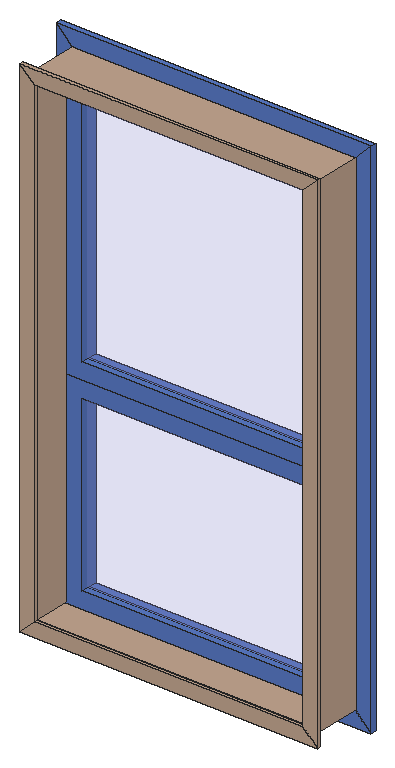
Revit family
Parameters (values of type "800 x 1400")
  SashDepth [instance] = 800 mm
  Sash Thickness = 50 mm
  Operation = "DoublePanelHorizontal"
  Keynote = "45-13-011"
  Height = 1400 mm
  Sill Height [instance] = 700 mm
  Wall Closure = (empty or 0)
  Width = 800 mm
Types (6, lengths in mm): name | Keynote | Height | Sill Height | Width
  (no name) | "45-13-011" | 1400 | 700 | 800
  600 x 1400 | "45-13-010" | 1400 | 700 | 600
  600 x 1200 | "45-13-008" | 1200 | 900 | 600
  800 x 1400 | "45-13-011" | 1400 | 700 | 800
  800 x 1200 | "45-13-009" | 1200 | 900 | 800
  600 x 1000 | "45-13-007" | 1000 | 1100 | 600
Reference planes
  plane 1 "Wall Centre": y = 0
  plane 2 "Center (Left/Right)": x = 0
  plane 3 "Left": x = -400
  plane 4 "Right": x = 400
  plane 5 "Sill": z = 700
  plane 6 "Head": z = 2100
  plane 7 "Exterior": y = 75
  plane 8 "Interior": y = -75
  plane 9: y = 90
  plane 10 "LeftCover": x = 445
  plane 11 "RightCover": x = -445
  plane 12: z = 1950
  plane 13: y = -75
  plane 14: y = 75
  plane 15 "GlassLine": y = 50
  plane 16: y = 75
  plane 17: z = 2145
  plane 18 "SillCover": z = 655
  plane 19 "SashDepth": z = 1300
  plane 20: y = 0
  plane 21 "Sash Thickness": y = 25
Forms (mm)
  Sweep 1, solid, detail levels medium+fine
    path origin (0, 75, 0) x (1, 0, 0) y (0, 0, 1)
      loop
        line (400, 700) -> (400, 2100) -> (-400, 2100) -> (-400, 700) -> (400, 700)
    profile origin (0, 75, 0) x (0, 0, -1) y (0, -1, 0)
      loop
        line (-699.341, 0) -> (-699.341, 150) -> (-719.341, 150) -> (-719.341, 0) -> (-699.341, 0)
  Sweep 2, solid, detail levels fine
    path origin (0, -75, 0) x (1, 0, 0) y (0, 0, 1)
      loop
        line (-380.659, 719.341) -> (380.659, 719.341) -> (380.659, 2080.659) -> (-380.659, 2080.659) -> (-380.659, 719.341)
    profile origin (0, -75, 0) x (0, 0, 1) y (0, -1, 0)
      loop
        line (719.341, 0) -> (719.341, 10) -> (679.341, 10) -> (679.341, 0) -> (719.341, 0)
  Extrusion 3, solid, detail levels medium+fine
    sketch origin (0, 75, 0) x (1, 0, 0) y (0, 0, 1)
      loop
        line (380.659, 1300) -> (380.659, 2080.659) -> (-380.659, 2080.659) -> (-380.659, 1300) -> (380.659, 1300)
      loop
        line (335.659, 1345) -> (335.659, 2035.659) -> (-335.659, 2035.659) -> (-335.659, 1345) -> (335.659, 1345)
    from 0 to 50
  Sweep 4, solid, detail levels medium+fine
    path origin (0, 75, 0) x (1, 0, 0) y (0, 0, 1)
      loop
        line (445, 655) -> (445, 2145) -> (-445, 2145) -> (-445, 655) -> (445, 655)
    profile origin (0, 75, 0) x (0, 0, -1) y (0, -1, 0)
      loop
        line (-655, 0) -> (-715, 0) -> (-715, -15) -> (-655, -15) -> (-655, 0)
  Extrusion 5, solid, detail levels fine
    sketch origin (0, 50, 0) x (1, 0, 0) y (0, 0, 1)
      loop
        line (335.659, 1345) -> (335.659, 2035.659) -> (-335.659, 2035.659) -> (-335.659, 1345) -> (335.659, 1345)
    from 0 to 5
  Extrusion 6, solid, detail levels medium+fine
    sketch origin (0, 75, -590) x (1, 0, 0) y (0, 0, 1)
      loop
        line (380.659, 1309.341) -> (380.659, 1890) -> (-380.659, 1890) -> (-380.659, 1309.341) -> (380.659, 1309.341)
      loop
        line (335.659, 1354.341) -> (335.659, 1845) -> (-335.659, 1845) -> (-335.659, 1354.341) -> (335.659, 1354.341)
    from 0 to 50
  Extrusion 7, solid, detail levels fine
    sketch origin (0, 50, 0) x (1, 0, 0) y (0, 0, 1)
      loop
        line (335.659, 764.341) -> (335.659, 1255) -> (-335.659, 1255) -> (-335.659, 764.341) -> (335.659, 764.341)
    from 0 to 5
Lines and regions (mm)
  Opening 1
    outline origin (3500, -75, 0) x (1, 0, 0) y (0, 0, 1)
      loop
        line (-3100, 700) -> (-3100, 2100) -> (-3900, 2100) -> (-3900, 700) -> (-3100, 700)
  symbolic lines, style "Elevation Swing"
    curve 1: line (-380.659, 0, 1300) -> (0, 0, 1950)
    curve 2: line (380.659, 0, 1300) -> (0, 0, 1950)
  symbolic lines, style "WindowsGlassProjection", detail levels medium
    curve 3: line (-335.659, 45, 0) -> (335.659, 45, 0)
  symbolic lines, style "Sash", detail levels coarse
    curve 4: line (-400, 50, 0) -> (400, 50, 0)
Text (mm)
  text "EXTERIOR" at (-1963.203, 1332.353, 0), in view "Ref. Level"
  text "INTERIOR" at (-1981.466, -818.386, 0), in view "Ref. Level"
  text "Exterior" at (0, 923.751, 2943.296), in view "Right"
  text "Exterior" at (0, 1040.484, 2685.409), in view "Left"
Dimensions and locks
  equal spacing: plane 3 "Left", plane 2 "Center (Left/Right)", plane 4 "Right"
  "Width": plane 3 "Left" to plane 4 "Right"
  "Height": plane 5 "Sill" to plane 6 "Head"
  "Sill Height": plane 5 "Sill" to level
  locked: plane 7 "Exterior" to host wall at 0
  locked: plane 8 "Interior" to host wall
  locked: plane 12 to plane 6 "Head" at 150
  plane 6 "Head" to plane 17 = 45 mm
  locked: plane 18 "SillCover" to plane 5 "Sill" at 45
  locked: plane 10 "LeftCover" to plane 4 "Right" at 45
  plane 11 "RightCover" to plane 3 "Left" = 45 mm
  "SashDepth": plane 19 "SashDepth" to plane 6 "Head"
  plane 5 "Sill" to plane 19 "SashDepth" = 600 mm
  locked: plane 15 "GlassLine" to plane 7 "Exterior" at 25
  "Sash Thickness": plane 21 "Sash Thickness" to plane 7 "Exterior"
  aligned and locked: Sweep 1 sketch curve to host wall  (x3)
  aligned and locked: host wall to Sweep 1 sketch curve
  aligned and locked: plane 8 "Interior" to Sweep 1 sketch curve
  aligned and locked: plane 13 to host wall
  aligned and locked: Sweep 1 to Sweep 2 sketch curve  (x3)
  aligned and locked: Sweep 2 sketch curve to Sweep 1  (x3)
  aligned and locked: plane 16 to host wall
  aligned and locked: plane 10 "LeftCover" to Sweep 4 sketch curve
  aligned and locked: plane 11 "RightCover" to Sweep 4 sketch curve
  aligned and locked: plane 7 "Exterior" to Sweep 4 sketch curve
  aligned and locked: profile plane to Sweep 4 sketch curve
  aligned and locked: plane 17 to Sweep 4 sketch curve
  aligned and locked: Extrusion 5 sketch curve to Extrusion 3  (x3)
  aligned and locked: Extrusion 3 to Extrusion 5 sketch curve
  aligned and locked: Extrusion 7 sketch curve to Extrusion 6  (x3)
  aligned and locked: Extrusion 6 to Extrusion 7 sketch curve
  aligned and locked: Extrusion 3 to plane 7 "Exterior"
  aligned and locked: Extrusion 6 to plane 7 "Exterior"
  aligned and locked: Extrusion 3 sketch curve to Sweep 1  (x2)
  aligned and locked: Sweep 1 to Extrusion 3 sketch curve
  aligned and locked: Sweep 1 to Extrusion 6 sketch curve
  aligned and locked: Extrusion 6 sketch curve to Sweep 1  (x2)
  aligned and locked: curve 1 to Extrusion 3
  aligned and locked: plane 3 "Left" to curve 4
  aligned and locked: plane 4 "Right" to curve 4
  aligned and locked: curve 3 to Extrusion 5
  aligned and locked: plane 21 "Sash Thickness" to Extrusion 3
  aligned and locked: plane 21 "Sash Thickness" to Extrusion 6
Automatic sketch dimensions
  Opening 1 sketch curve to plane 3 "Left" = 0 mm
  Opening 1 sketch curve to plane 4 "Right" = 0 mm
  Opening 1 sketch curve to plane 5 "Sill" = 0 mm
  Opening 1 sketch curve to plane 6 "Head" = 0 mm
  Sweep 1 sketch curve to plane 7 "Exterior" = 0 mm
  Sweep 1 sketch curve to profile plane = 0.659 mm
  profile plane to Sweep 1 sketch curve = 19.341 mm
  plane 8 "Interior" to Sweep 2 sketch curve = 10 mm
  profile plane to Sweep 2 sketch curve = 40 mm
  plane 5 "Sill" to Sweep 4 sketch curve = 45 mm
  Extrusion 3 sketch curve to plane 19 "SashDepth" = 0 mm
  Extrusion 3 sketch curve to Extrusion 3 sketch curve = 45 mm  (x2)
  Extrusion 3 sketch curve to plane 19 "SashDepth" = 45 mm
  plane 6 "Head" to Extrusion 3 sketch curve = 64.341 mm
  Extrusion 6 sketch curve to plane 19 "SashDepth" = 0 mm
  Extrusion 6 sketch curve to plane 3 "Left" = 64.341 mm
  Extrusion 6 sketch curve to Extrusion 6 sketch curve = 45 mm
  plane 19 "SashDepth" to Extrusion 6 sketch curve = 45 mm
  Extrusion 6 sketch curve to plane 5 "Sill" = 64.341 mm
  curve 1 to plane 2 "Center (Left/Right)" = 0 mm
  curve 1 to plane 12 = 0 mm
  curve 2 to plane 19 "SashDepth" = 0 mm
  curve 1 to plane 19 "SashDepth" = 0 mm
  plane 4 "Right" to curve 2 = 19.341 mm
  Sweep 4 sketch curve to plane 7 "Exterior" = 15 mm
  profile plane to Sweep 4 sketch curve = 60 mm
  curve 3 to plane 3 "Left" = 64.341 mm
  plane 4 "Right" to curve 3 = 64.341 mm
  curve 4 to plane 15 "GlassLine" = 0 mm
